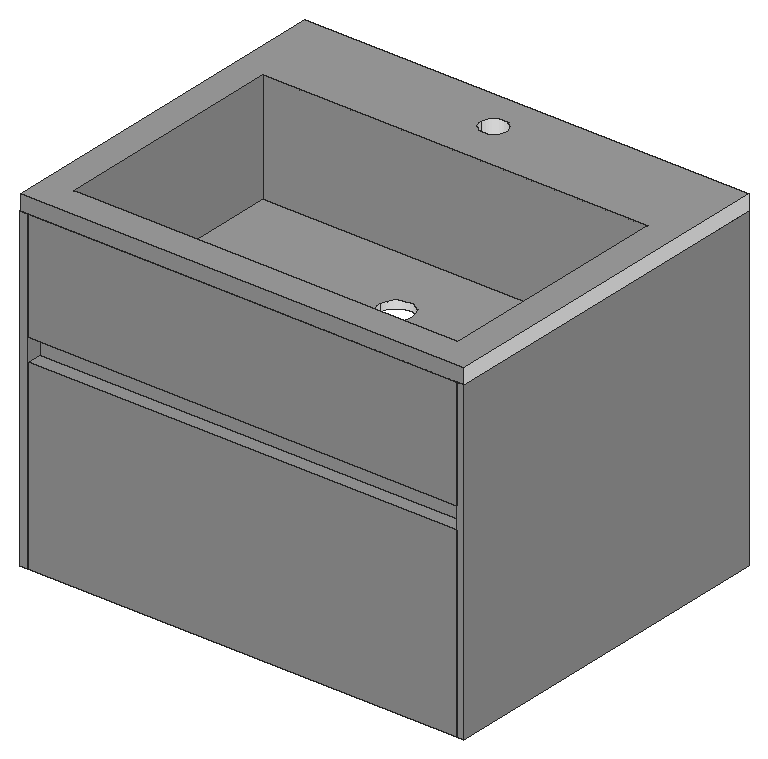
Revit family "MUEBLE SUNSET 600 OAK", category Generic Models, Revit 2019
Family settings
  Can host rebar = No
  Round Connector Dimension = Use Diameter
  Part Type = Normal
  Work Plane-Based = No
  Always vertical = Yes
  Cut with Voids When Loaded = No
  Shared = No
  Room Calculation Point = No
Parameters (values of type "ORANS Mueble Orlando Fume (MFC 034) 060,5cm ancho")
  URL = ""
  Profundidad receptáculo = 150 mm
  Prof lavamanos = 320 mm
  Prof borde cub trasero = 120 mm
  Model = ""
  Material tirador = Acero semi pulido
  Material frentes = Fume (MFC 034) horizontal
  Material cubierta = Loza blanco brillo
  Material costados = Fume (MFC 034) vertical
  Manufacturer = ""
  Largo = 600 mm
  Largo receptáculo = if(Largo = 605 mm, 426 mm, 460 mm)  # 460 mm
  Description = ""
  Ancho tirador = 250 mm
  Ancho borde cub = 40 mm
  Ancho = 480 mm
  Amcho borde cub [instance] = 70 mm
  Alto [instance] = 450 mm
  ANCHO BORDE CUB [instance] = 70 mm
Types (12, lengths in mm): name | Prof lavamanos | Prof borde cub trasero | Material frentes | Material costados | Largo | Largo receptáculo | Ancho borde cub | Ancho | Alto
  ORANS Mueble Orlando Fume (MFC 034) 060,5cm ancho | 320 | 120 | Fume (MFC 034) horizontal | Fume (MFC 034) vertical | 600 | 460 | 40 | 480 | 450
  ORANS Mueble Orlando Fume (MFC 034) 070,5cm ancho | 275 | 115 | Fume (MFC 034) horizontal | Fume (MFC 034) vertical | 705 | 460 | 70 | 465 | 570
  ORANS Mueble Orlando Fume (MFC 034) 080,5cm ancho | 275 | 115 | Fume (MFC 034) horizontal | Fume (MFC 034) vertical | 805 | 460 | 70 | 465 | 570
  ORANS Mueble Orlando Fume (MFC 034) 100,5cm ancho | 275 | 115 | Fume (MFC 034) horizontal | Fume (MFC 034) vertical | 1050 | 460 | 70 | 465 | 570
  ORANS Mueble Orlando Haya Light (MFC 030) 060,5cm ancho | 275 | 115 | Haya Light (MFC 030) horizontal | Haya Light (MFC 030) vertical | 605 | 426 | 70 | 465 | 570
  ORANS Mueble Orlando Haya Light (MFC 030) 070,5cm ancho | 275 | 115 | Haya Light (MFC 030) horizontal | Haya Light (MFC 030) vertical | 705 | 460 | 70 | 465 | 570
  ORANS Mueble Orlando Haya Light (MFC 030) 080,5cm ancho | 275 | 115 | Haya Light (MFC 030) horizontal | Haya Light (MFC 030) vertical | 805 | 460 | 70 | 465 | 570
  ORANS Mueble Orlando Haya Light (MFC 030) 100,5cm ancho | 275 | 115 | Haya Light (MFC 030) horizontal | Haya Light (MFC 030) vertical | 1050 | 460 | 70 | 465 | 570
  ORANS Mueble Orlando Oak 1 (MFC 005) 060,5cm ancho | 275 | 115 | Oak1 (MFC 005) horizontal | Oak1 (MFC 005) vertical | 605 | 426 | 70 | 465 | 570
  ORANS Mueble Orlando Oak 1 (MFC 005) 070,5cm ancho | 275 | 115 | Oak1 (MFC 005) horizontal | Oak1 (MFC 005) vertical | 705 | 460 | 70 | 465 | 570
  ORANS Mueble Orlando Oak 1 (MFC 005) 080,5cm ancho | 275 | 115 | Oak1 (MFC 005) horizontal | Oak1 (MFC 005) vertical | 805 | 460 | 70 | 465 | 570
  ORANS Mueble Orlando Oak 1 (MFC 005) 100,5cm ancho | 275 | 115 | Oak1 (MFC 005) horizontal | Oak1 (MFC 005) vertical | 1050 | 460 | 70 | 465 | 570
Reference planes
  plane 1 "Center (Front/Back)": y = 0
  plane 2: z = 0
  plane 3 "Center (Left/Right)": x = 0
  plane 4: x = -300
  plane 5: x = 300
  plane 6: y = -120
  plane 7: y = -440
  plane 8: y = -480
  plane 9: y = -220
  plane 10: y = -55
  plane 11: z = 430
  plane 12: z = 450
  plane 13: x = -290
  plane 14: x = 290
  plane 15: y = -450
  plane 16 "int. lav izq": x = -260
  plane 17 "int. lav der": x = 260
  plane 18: x = -270
  plane 19: x = 270
  plane 20: y = -110
  plane 21: y = -460
  plane 22: z = 250
  plane 23: z = 280
Forms (mm)
  Extrusion 1, solid, material "Loza blanco brillo" <- "Material cubierta"
    sketch origin (0, 0, 0) x (1, 0, 0) y (0, 1, 0)
      loop
        line (-300, -480) -> (300, -480) -> (300, 0) -> (-300, 0) -> (-300, -480)
      loop
        line (-260, -120) -> (-260, -440) -> (260, -440) -> (260, -120) -> (-260, -120)
      loop
        circle (0, -55) r 17.5
    from 430 to 450
  Extrusion 2, solid, material "Loza blanco brillo" <- "Material cubierta"
    sketch origin (0, 0, 0) x (1, 0, 0) y (0, 1, 0)
      loop
        line (-270, -110) -> (-270, -450) -> (270, -450) -> (270, -110) -> (-270, -110)
      loop
        circle (0, -220) r 22.5
    from 290 to 430
  Extrusion 3, void
    sketch origin (0, 0, 0) x (1, 0, 0) y (0, 1, 0)
      loop
        line (-260, -120) -> (-260, -440) -> (260, -440) -> (260, -120) -> (-260, -120)
    from 300 to 430
  Extrusion 4, solid, material "Loza blanco brillo"
    sketch origin (0, 0, 0) x (1, 0, 0) y (0, 1, 0)
      loop
        line (-300, 0) -> (-300, -480) -> (-290, -480) -> (-290, 0) -> (-300, 0)
    from 0 to 430
  Extrusion 5, solid, material "Loza blanco brillo"
    sketch origin (590, 0, 0) x (1, 0, 0) y (0, 1, 0)
      loop
        line (-300, 0) -> (-300, -480) -> (-290, -480) -> (-290, 0) -> (-300, 0)
    from 0 to 430
  Extrusion 6, solid, material "Fume (MFC 034) horizontal" <- "Material frentes"
    sketch origin (0, 0, 0) x (1, 0, 0) y (0, 0, 1)
      loop
        line (-290, 430) -> (-290, 280) -> (290, 280) -> (290, 430) -> (-290, 430)
    from 460 to 480
  Extrusion 7, solid, material "Fume (MFC 034) horizontal" <- "Material frentes"
    sketch origin (0, 0, -200) x (1, 0, 0) y (0, 0, 1)
      loop
        line (-290, 450) -> (-290, 200) -> (290, 200) -> (290, 450) -> (-290, 450)
    from 460 to 480
  Extrusion 8, solid, material "Loza blanco brillo" <- "Material cubierta"
    sketch origin (0, 0, 0) x (1, 0, 0) y (0, 0, 1)
      loop
        line (-290, 300) -> (-290, 220) -> (290, 220) -> (290, 300) -> (-290, 300)
    from 450 to 460
Cuts and joins
  Extrusion 3 cuts Extrusion 2
  joined: Extrusion 1, Extrusion 2
Dimensions and locks
  equal spacing: plane 4, plane 3 "Center (Left/Right)", plane 5
  "Largo": plane 4 to plane 5
  "Ancho": plane 8 to plane 1 "Center (Front/Back)"
  "Prof borde cub trasero": plane 6 to plane 1 "Center (Front/Back)"
  "Prof lavamanos": plane 7 to plane 6
  locked: plane 9 to plane 1 "Center (Front/Back)" at 220
  locked: plane 10 to plane 1 "Center (Front/Back)" at 55
  locked: plane 12 to plane 11 at 20
  plane 4 to plane 13 = 10 mm
  plane 14 to plane 5 = 10 mm
  locked: plane 15 to plane 7 at 10
  "Ancho borde cub": plane 17 "int. lav der" to plane 5
  "Ancho borde cub": plane 16 "int. lav izq" to plane 4
  locked: plane 13 to plane 4 at 10
  locked: plane 5 to plane 14 at 10
  plane 12 to plane 11 = 20 mm
  plane 4 to plane 16 "int. lav izq" = 40 mm
  locked: plane 18 to plane 16 "int. lav izq" at 10
  locked: plane 17 "int. lav der" to plane 19 at 10
  locked: plane 20 to plane 6 at 10
  "Alto": plane 12 to level
  locked: cut or joined group of Extrusion 1, Extrusion 2, Extrusion 3 to cut or joined group of Extrusion 1, Extrusion 2, Extrusion 3 at 140
  locked: cut or joined group of Extrusion 1, Extrusion 2, Extrusion 3 to cut or joined group of Extrusion 1, Extrusion 2, Extrusion 3 at 130
  locked: plane 23 to plane 22 at 30
  aligned and locked: plane 5 to Extrusion 1 sketch curve
  aligned and locked: plane 8 to Extrusion 1 sketch curve
  aligned and locked: Extrusion 1 sketch curve to plane 4
  aligned and locked: Extrusion 1 sketch curve to plane 1 "Center (Front/Back)"
  aligned and locked: plane 12 to Extrusion 1
  aligned and locked: Extrusion 1 to plane 11
  aligned and locked: plane 6 to Extrusion 1 sketch curve
  aligned and locked: Extrusion 1 sketch curve to plane 7
  aligned and locked: Extrusion 3 sketch curve to plane 7
  aligned and locked: plane 11 to Extrusion 3
  aligned and locked: plane 10 to Extrusion 1 sketch curve
  aligned and locked: plane 3 "Center (Left/Right)" to Extrusion 1 sketch curve
  aligned and locked: plane 3 "Center (Left/Right)" to Extrusion 2 sketch curve
  aligned and locked: plane 9 to Extrusion 2 sketch curve
  aligned and locked: plane 17 "int. lav der" to cut or joined group of Extrusion 1, Extrusion 2, Extrusion 3
  aligned and locked: cut or joined group of Extrusion 1, Extrusion 2, Extrusion 3 to plane 16 "int. lav izq"  (x2)
  aligned and locked: cut or joined group of Extrusion 1, Extrusion 2, Extrusion 3 to plane 1 "Center (Front/Back)"
  aligned and locked: plane 7 to cut or joined group of Extrusion 1, Extrusion 2, Extrusion 3
  aligned and locked: plane 10 to cut or joined group of Extrusion 1, Extrusion 2, Extrusion 3
  aligned and locked: cut or joined group of Extrusion 1, Extrusion 2, Extrusion 3 to plane 11
  aligned and locked: plane 11 to Extrusion 4
  aligned and locked: plane 8 to Extrusion 4
  aligned and locked: Extrusion 4 to plane 1 "Center (Front/Back)"
  aligned and locked: plane 13 to Extrusion 4
  aligned and locked: plane 11 to Extrusion 5
  aligned and locked: Extrusion 5 to level
  aligned and locked: Extrusion 5 to plane 11  (x2)
  aligned and locked: level to Extrusion 5  (x2)
  aligned and locked: Extrusion 4 to level
  aligned and locked: Extrusion 4 to plane 11  (x2)
  aligned and locked: plane 12 to cut or joined group of Extrusion 1, Extrusion 2, Extrusion 3
  aligned and locked: cut or joined group of Extrusion 1, Extrusion 2, Extrusion 3 to plane 19
  aligned and locked: cut or joined group of Extrusion 1, Extrusion 2, Extrusion 3 to plane 17 "int. lav der"
  aligned and locked: plane 18 to cut or joined group of Extrusion 1, Extrusion 2, Extrusion 3
  aligned and locked: plane 16 "int. lav izq" to cut or joined group of Extrusion 1, Extrusion 2, Extrusion 3
  aligned and locked: cut or joined group of Extrusion 1, Extrusion 2, Extrusion 3 to plane 20
  aligned and locked: cut or joined group of Extrusion 1, Extrusion 2, Extrusion 3 to plane 6
  aligned and locked: plane 6 to cut or joined group of Extrusion 1, Extrusion 2, Extrusion 3
  aligned and locked: cut or joined group of Extrusion 1, Extrusion 2, Extrusion 3 to plane 7
  aligned and locked: cut or joined group of Extrusion 1, Extrusion 2, Extrusion 3 to plane 12  (x2)
  aligned and locked: plane 11 to cut or joined group of Extrusion 1, Extrusion 2, Extrusion 3  (x2)
  aligned and locked: level to Extrusion 4
  aligned and locked: Extrusion 6 to plane 8
  aligned and locked: Extrusion 6 to plane 21
  aligned and locked: Extrusion 6 to plane 23
  aligned and locked: plane 22 to Extrusion 7
Automatic sketch dimensions
  Extrusion 1 sketch curve to plane 16 "int. lav izq" = 0 mm
  Extrusion 1 sketch curve to plane 17 "int. lav der" = 0 mm
  plane 15 to Extrusion 2 sketch curve = 0 mm
  Extrusion 2 sketch curve to plane 18 = 0 mm
  Extrusion 2 sketch curve to plane 19 = 0 mm
  plane 20 to Extrusion 2 sketch curve = 0 mm
  Extrusion 3 sketch curve to plane 16 "int. lav izq" = 0 mm
  Extrusion 3 sketch curve to plane 17 "int. lav der" = 0 mm
  plane 6 to Extrusion 3 sketch curve = 0 mm
  Extrusion 4 sketch curve to plane 4 = 0 mm
  plane 8 to Extrusion 4 sketch curve = 0 mm
  Extrusion 4 sketch curve to plane 13 = 0 mm
  plane 1 "Center (Front/Back)" to Extrusion 4 sketch curve = 0 mm
  plane 8 to Extrusion 5 sketch curve = 0 mm
  Extrusion 5 sketch curve to plane 14 = 0 mm
  Extrusion 5 sketch curve to plane 5 = 0 mm
  plane 1 "Center (Front/Back)" to Extrusion 5 sketch curve = 0 mm
  Extrusion 6 sketch curve to plane 13 = 0 mm
  Extrusion 6 sketch curve to plane 11 = 0 mm
  Extrusion 6 sketch curve to plane 14 = 0 mm
  Extrusion 6 sketch curve to plane 23 = 0 mm
  Extrusion 7 sketch curve to level = 0 mm
  Extrusion 7 sketch curve to plane 13 = 0 mm
  Extrusion 7 sketch curve to plane 14 = 0 mm
  Extrusion 7 sketch curve to plane 22 = 0 mm
  Extrusion 8 sketch curve to plane 13 = 0 mm
  Extrusion 8 sketch curve to plane 11 = 130 mm
  Extrusion 8 sketch curve to plane 14 = 0 mm
  Extrusion 8 sketch curve to plane 23 = 60 mm
  radius of Extrusion 1 sketch curve = 17.5 mm
  radius of Extrusion 2 sketch curve = 22.5 mm
